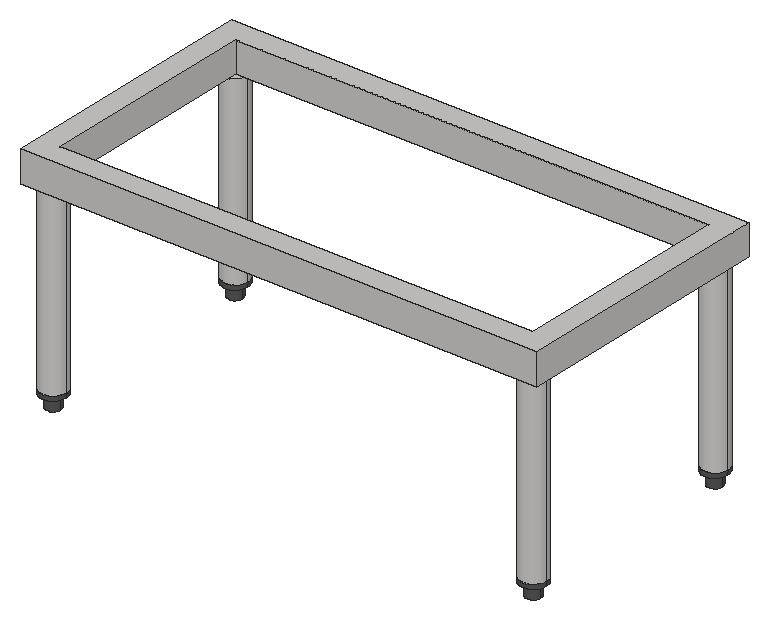
Revit family "QF_CAPIC_PT_W293018", category Equipement spécialisé, Revit 2018
Family settings
  Cote de connecteur circulaire = Utiliser le diamètre
  Type d'élément = Normal
  Numéro OmniClass = 23.40.40.14
  Titre OmniClass = Food Service Equipment
  Basée sur le plan de construction = Non
  Toujours verticalement = Oui
  Couper avec des vides une fois chargée = Non
  Partagée = Non
  Point de calcul de pièce = Non
Parameters (values of type "L=1400mm")
  URL catalogue = "http://www.capic-fr.com/fr/"
  Type de Raccord Plomberie [instance] = ""
  Type de Raccord Electrique [instance] = ""
  Type de Gaz = ""
  Type article [instance] = ""
  Tension = 0 V
  Spécification du Fabricant = ""
  Show Logo = yes
  Remarques evacuation [instance] = ""
  Remarques Plomberie [instance] = ""
  Remarques Electricité [instance] = ""
  Puissance électrique  = 0 W
  Puissance Gaz kW = 0
  Profondeur hors tout = 715 mm
  Pression Maximum Eau Adoucie = 0.0 Pa
  Poids net à vide = 85.00 kg
  Phase = 0
  Modèle = "W293018"
  Longueur hors tout = 1400 mm
  Intensité nominale = 0 A
  Hauteur hors tout = 630 mm
  Hauteur de Raccordement du Sol Finis = 0 mm
  Hauteur de Raccordement Gaz du Sol Finis = 0 mm
  Hauteur de Raccordement Evacuation Directe du Sol Finis = 0 mm
  Hauteur de Raccordement Eau Froide du Sol Finis = 0 mm
  Hauteur de Raccordement Eau Chaude du Sol Finis = 0 mm
  Hauteur de Raccordement Eau Adoucie du Sol Finis = 0 mm
  Fréquence = 0 Hz
  Fabricant = "CAPIC"
  Débit d'air d'extraction = 0.0 m³/h
  Débit Gaz = 0.0 L/s
  Débit Eau Froide = 0.0 L/s
  Débit Eau Chaude = 0.0 L/s
  Débit Eau Adoucie = 0.0 L/s
  Diamètre de Raccordement Gaz = 0 mm
  Diamètre de Raccordement Evacuation = 0 mm
  Diamètre de Raccordement Eau Froide = 0 mm
  Diamètre de Raccordement Eau Chaude = 0 mm
  Diamètre de Raccordement Eau Adoucie = 0 mm
  Description = "Pietement tubes ronds"
  Assembly Code = ""
  Classification  Omniclass nombre et titre = "23.40.40.14"
Reference planes
  plane 1 "Centre (avant/arrière)": y = 0
  plane 2: z = 0
  plane 3 "Centre (gauche/droite)": x = 0
  plane 4 "Centre G/E": y = 0
  plane 5: y = -838
  plane 6: z = 630
  plane 7: y = -123
  plane 8: x = 1400
  plane 9: z = 546
  plane 10: y = -173
  plane 11: y = -788
  plane 12: x = 50
  plane 13: x = 1350
  plane 14: z = 46
Forms (mm)
  Extrusion 1, solid, material "QF_Stainless Steel-Brushed"
    sketch origin (4267.2, -1071.386, 630) x (0, -1, 0) y (1, 0, 0)
      loop
        line (-948.386, -4267.2) -> (-233.386, -4267.2) -> (-233.386, -2867.2) -> (-948.386, -2867.2) -> (-948.386, -4267.2)
      loop
        line (-888.386, -2927.2) -> (-888.386, -4207.2) -> (-293.386, -4207.2) -> (-293.386, -2927.2) -> (-888.386, -2927.2)
    from 0 to -84
  Extrusion 2, solid, material "QF_Stainless Steel-Brushed"
    sketch origin (0, 0, 0) x (1, 0, 0) y (0, 1, 0)
      loop
        circle (50, -173) r 35
    from 46 to 546
  Revolve 3, solid, material "QF_Plastic-Black"
    sketch origin (-199.347, -173, 4000) x (-1, 0, 0) y (0, 0, 1)
      loop
        line (-284.347, -3954) -> (-284.347, -3966) -> (-269.347, -3966) -> (-269.347, -4000) -> (-249.347, -4000) -> (-249.347, -3954) -> (-284.347, -3954)
      axis (-249.347, -4000) -> (-249.347, -3954)
    angle from 0 to 360
  Extrusion 4, solid, material "QF_Stainless Steel-Brushed"
    sketch origin (220, 0, 0) x (1, 0, 0) y (0, 1, 0)
      loop
        circle (1130, -173) r 35
    from 46 to 546
  Revolve 5, solid, material "QF_Plastic-Black"
    sketch origin (160.653, -173, 4000) x (-1, 0, 0) y (0, 0, 1)
      loop
        line (-1224.347, -3954) -> (-1224.347, -3966) -> (-1209.347, -3966) -> (-1209.347, -4000) -> (-1189.347, -4000) -> (-1189.347, -3954) -> (-1224.347, -3954)
      axis (-1189.347, -4000) -> (-1189.347, -3954)
    angle from 0 to 360
  Extrusion 6, solid, material "QF_Stainless Steel-Brushed"
    sketch origin (0, -615, 0) x (1, 0, 0) y (0, 1, 0)
      loop
        circle (50, -173) r 35
    from 46 to 546
  Revolve 7, solid, material "QF_Plastic-Black"
    sketch origin (-133.843, -788, 4000) x (-1, 0, 0) y (0, 0, 1)
      loop
        line (-218.843, -3954) -> (-218.843, -3966) -> (-203.843, -3966) -> (-203.843, -4000) -> (-183.843, -4000) -> (-183.843, -3954) -> (-218.843, -3954)
      axis (-183.843, -4000) -> (-183.843, -3954)
    angle from 0 to 360
  Extrusion 8, solid, material "QF_Stainless Steel-Brushed"
    sketch origin (230, -615, 0) x (1, 0, 0) y (0, 1, 0)
      loop
        circle (1120, -173) r 35
    from 46 to 546
  Revolve 9, solid, material "QF_Plastic-Black"
    sketch origin (-133.843, -788, 4000) x (-1, 0, 0) y (0, 0, 1)
      loop
        line (-1518.843, -3954) -> (-1518.843, -3966) -> (-1503.843, -3966) -> (-1503.843, -4000) -> (-1483.843, -4000) -> (-1483.843, -3954) -> (-1518.843, -3954)
      axis (-1483.843, -4000) -> (-1483.843, -3954)
    angle from 0 to 360
Dimensions and locks
  locked: plane 7 to Extrusion 1 sketch curve at 60
  locked: Extrusion 1 sketch curve to plane 5 at 60
  locked: plane 3 "Centre (gauche/droite)" to Extrusion 1 sketch curve at 60
  locked: Extrusion 1 sketch curve to plane 8 at 60
  "Longueur hors tout": plane 3 "Centre (gauche/droite)" to plane 8
  "Hauteur hors tout": plane 6 to level
  locked: plane 6 to plane 9 at 84
  locked: plane 7 to plane 10 at 50
  locked: plane 11 to plane 5 at 50
  locked: plane 3 "Centre (gauche/droite)" to plane 12 at 50
  locked: plane 13 to plane 8 at 50
  locked: plane 9 to plane 14 at 500
  locked: Revolve 3 sketch curve to plane 12 at 35
  locked: plane 14 to Revolve 3 sketch curve at 12
  locked: Revolve 3 sketch curve to plane 12 at 20
  Revolve 5 sketch curve to Revolve 5 sketch curve to plane 13 = 15 mm locked, 20 mm locked
  "Profondeur hors tout": plane 7 to plane 5
  locked: plane 14 to Revolve 5 sketch curve at 12
  locked: Revolve 7 sketch curve to plane 12 at 20
  locked: Revolve 7 sketch curve to plane 12 at 35
  locked: Revolve 3 to plane 14 at 12
  locked: plane 14 to Revolve 5 at 12
  locked: Revolve 9 sketch curve to plane 13 at 20
  locked: Revolve 9 sketch curve to plane 13 at 35
  aligned and locked: level to plane 2
  aligned and locked: Extrusion 1 sketch curve to plane 7
  aligned and locked: plane 3 "Centre (gauche/droite)" to Extrusion 1 sketch curve
  aligned and locked: plane 5 to Extrusion 1 sketch curve
  aligned and locked: Extrusion 1 sketch curve to plane 8
  aligned and locked: Extrusion 1 to plane 9
  aligned and locked: plane 6 to Extrusion 1
  aligned and locked: plane 9 to Extrusion 2
  aligned and locked: Extrusion 2 to plane 14
  aligned and locked: plane 12 to Extrusion 2 sketch curve
  aligned and locked: plane 10 to Extrusion 2 sketch curve
  aligned and locked: level to Revolve 3 sketch curve
  aligned and locked: plane 12 to Revolve 3 sketch curve
  aligned and locked: Revolve 3 sketch curve to plane 14
  aligned and locked: plane 13 to Extrusion 4 sketch curve
  aligned and locked: Extrusion 4 sketch curve to plane 10
  aligned and locked: plane 13 to Revolve 5 sketch curve  (x2)
  aligned and locked: level to Revolve 5 sketch curve
  aligned and locked: plane 14 to Revolve 5 sketch curve
  aligned and locked: plane 12 to Extrusion 6 sketch curve
  aligned and locked: plane 11 to Extrusion 6 sketch curve
  aligned and locked: plane 9 to Extrusion 6
  aligned and locked: Extrusion 6 to plane 14
  aligned and locked: plane 14 to Revolve 7 sketch curve
  aligned and locked: Revolve 7 sketch curve to level
  aligned and locked: plane 9 to Extrusion 4
  aligned and locked: Extrusion 4 to plane 14
  aligned and locked: plane 13 to Extrusion 8 sketch curve
  aligned and locked: Extrusion 8 sketch curve to plane 11
  aligned and locked: Revolve 3 to plane 14
  aligned and locked: Extrusion 8 to Extrusion 1
  aligned and locked: plane 14 to Revolve 9 sketch curve
  aligned and locked: level to Revolve 9 sketch curve
  aligned and locked: plane 14 to Extrusion 8
Automatic sketch dimensions
  Revolve 3 sketch curve to plane 12 = 0 mm
  Revolve 3 sketch curve to level = 0 mm
  Revolve 3 sketch curve to plane 14 = 0 mm
  Revolve 5 sketch curve to level = 0 mm
  Revolve 5 sketch curve to plane 14 = 0 mm
  Revolve 9 sketch curve to plane 13 = 0 mm  (x2)
  Revolve 9 sketch curve to plane 14 = 12 mm
  Revolve 9 sketch curve to level = 88.15 mm
  Revolve 9 sketch curve to Revolve 9 sketch curve = 37 mm
  Revolve 7 sketch curve to plane 12 = 0 mm  (x2)
  Revolve 7 sketch curve to plane 14 = 12 mm
  Revolve 7 sketch curve to level = 25 mm
  Revolve 7 sketch curve to Revolve 7 sketch curve = 12 mm
  radius of Extrusion 2 sketch curve = 35 mm
  radius of Extrusion 4 sketch curve = 35 mm
  radius of Extrusion 6 sketch curve = 35 mm
  radius of Extrusion 8 sketch curve = 35 mm
